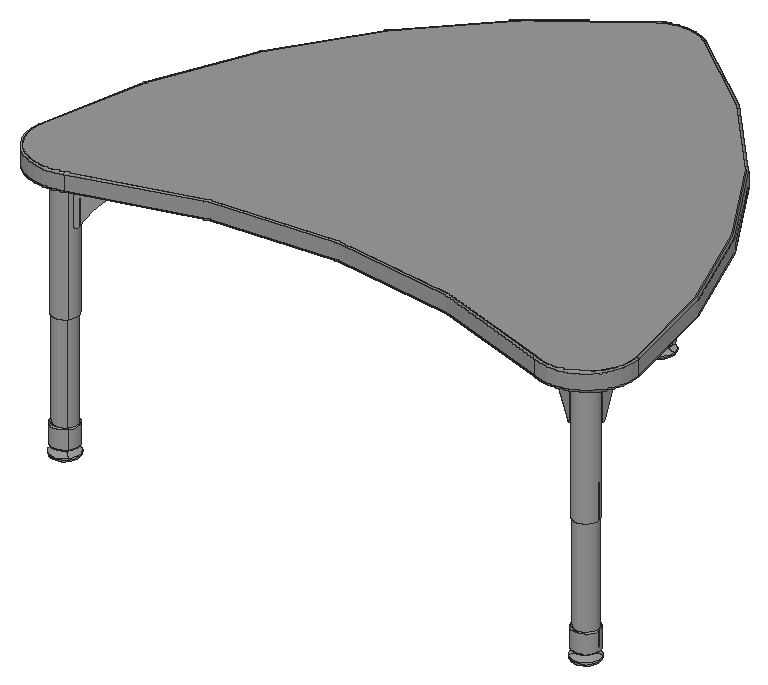
Revit family "Hierarchy Chevron Large Table - Youth Height", category Furniture, Revit 2018
Family settings
  Work Plane-Based = No
  Always vertical = Yes
  Cut with Voids When Loaded = No
  Shared = No
  Room Calculation Point = No
Parameters
  Table Height = 1' - 4"
  Surface = Hierarchy Chevron Large Youth Surface
  Leg Finish = Hierarchy Leg Platinum
  Edgeband = Hierarchy Chevron Large Youth Edgeband
  Caster/Glide = Hierarchy Youth Leg - Glide : Hierarchy Youth Leg - Glide
Reference planes (in)
  plane 1 "Center (Front/Back)": y = 0
  plane 2: z = 0
  plane 3 "Center (Left/Right)": x = 0
  plane 4 "Table Height": z = 16
Dimensions and locks (in)
  "Table Height": plane 4 "Table Height" to level
  aligned and locked: plane 2 to level
  aligned and locked: nested 3 to plane 4 "Table Height"
Nested families (in)
  nested 1: "Hierarchy Youth Leg - Glide" at (0, 10.3033, 0), Leg Height <- "Table Height", Leg Finish <- "Leg Finish", type "Hierarchy Youth Leg - Glide"
    with Leg Height 1' - 4", Leg Finish Hierarchy Leg Platinum
  nested 2: "Hierarchy Youth Leg - Glide" at (-16.21822, -15.68676, 0) x (-0.7939, 0.6081, 0) z (0, 0, 1), Leg Height <- "Table Height", type <- "Caster/Glide", Leg Finish <- "Leg Finish", type "Hierarchy Youth Leg - Glide"
    with Leg Height 1' - 4", Leg Finish Hierarchy Leg Platinum
  nested 3: "Chevron Large Tabletop" at (0, 0.03125, -12.5), type "Chevron Large Tabletop"
  nested 4: "Hierarchy Youth Leg - Glide" at (16.17876, -15.68676, 0) x (0.7939, 0.6081, 0) z (0, 0, 1), Leg Height <- "Table Height", type <- "Caster/Glide", Leg Finish <- "Leg Finish", type "Hierarchy Youth Leg - Glide"
    with Leg Height 1' - 4", Leg Finish Hierarchy Leg Platinum
Definition of nested family "Hierarchy Youth Leg - Glide"
  Parameters (values of type "Hierarchy Youth Leg - Glide")
    Leg Finish [instance] = none
    Leg Height [instance] = 1' - 4.80117"
  Reference planes (in)
    plane 1 "Center (Front/Back)": y = 0
    plane 2: z = 0
    plane 3 "Center (Left/Right)": x = 0
  Forms (in)
    Extrusion 1, solid
      sketch origin (-0.01562, 0, 0) x (1, 0, 0) y (0, 1, 0)
        loop
          circle (0.01563, 0) r 0.67016
      from 0.67618 to 10.55018
    Revolve 2, solid
      sketch origin (0, 0, 0) x (1, 0, 0) y (0, 0, 1)
        loop
          line (-0.73189, 1.80118) -> (-0.79439, 1.73867) -> (-0.79439, 0.61381) -> (-0.73176, 0.55118) -> (-0.125, 0.55118) -> (-0.125, 0.42618) -> (-0.84656, 0.16241) -> (-0.84656, 0.08994) -> (-0.81359, 0) -> (0, 0) -> (0, 1.80118) -> (-0.73189, 1.80118)
        axis (0, 1.80118) -> (0, 0)
      angle from 0 to 360
  Dimensions and locks (in)
    "Leg Height": nested 1 to level  (x2)
    aligned and locked: plane 2 to level
  Automatic sketch dimensions
    plane 1 "Center (Front/Back)" to Extrusion 1 sketch curve = 0' - 0"
    Extrusion 1 sketch curve to plane 3 "Center (Left/Right)" = 0' - 0"
    Revolve 2 sketch curve to level = 0' - 0"
    Revolve 2 sketch curve to plane 3 "Center (Left/Right)" = 0' - 0"  (x2)
    Revolve 2 sketch curve to plane 3 "Center (Left/Right)" = 0' - 0 1/8"
    Revolve 2 sketch curve to Revolve 2 sketch curve = 0' - 0.60676"
    Revolve 2 sketch curve to Revolve 2 sketch curve = 0' - 0.73189"
    Revolve 2 sketch curve to Revolve 2 sketch curve = 0' - 0.06263"  (x2)
    Revolve 2 sketch curve to Revolve 2 sketch curve = 0' - 0.08183"
    Revolve 2 sketch curve to Revolve 2 sketch curve = 0' - 0.03297"
    level to Revolve 2 sketch curve = 0' - 0.08994"
    Revolve 2 sketch curve to Revolve 2 sketch curve = 0' - 0.07247"
    level to Revolve 2 sketch curve = 0' - 0.42618"
    Revolve 2 sketch curve to Revolve 2 sketch curve = 0' - 0 1/8"
    Revolve 2 sketch curve to Revolve 2 sketch curve = 0' - 1.12486"
    Revolve 2 sketch curve to Revolve 2 sketch curve = 0' - 0 1/16"
    Revolve 2 sketch curve to level = 2' - 0"
    Revolve 2 sketch curve to Revolve 2 sketch curve = 8' - 4.91764"
    radius of Extrusion 1 sketch curve = 0' - 0.67016"
  Nested families (in)
    nested 1: "Hierarchy Youth Upper Leg 2023" at (0, 0, 0), Leg Finish <- "Leg Finish", type "Hierarchy Youth Upper Leg 2023"
      with Leg Finish none
  Definition of nested family "Hierarchy Youth Upper Leg 2023"
    Parameters (values of type "Hierarchy Youth Upper Leg 2023")
      Leg Finish [instance] = none
    Reference planes (in)
      plane 1 "Center (Front/Back)": y = 0
      plane 2: z = 0
      plane 3 "Center (Left/Right)": x = 0
    Forms (in)
      Extrusion 1, solid, material <- "Leg Finish"
        sketch origin (0, 0, -11.001) x (1, 0, 0) y (0, 1, 0)
          loop
            circle (0, 0) r 0.75
        from 19.67618 to 27.67618
      Extrusion 2, solid, material <- "Leg Finish"
        sketch origin (0, 0, -11.001) x (1, 0, 0) y (0, 1, 0)
          loop
            line (-1.70174, 0.19183) -> (-2.88626, -2.26116)
            arc (-2.88626, -2.26116) -> (-2.83993, -3.09822) -> (-2.1063, -3.50394) r 0.86614
            line (-2.1063, -3.50394) -> (2.1063, -3.50394)
            arc (2.1063, -3.50394) -> (2.83993, -3.09822) -> (2.88626, -2.26116) r 0.86614
            line (2.88626, -2.26116) -> (1.70174, 0.19183)
            arc (1.70174, 0.19183) -> (0, 1.25984) -> (-1.70174, 0.19183) r 1.88976
        from 27.67618 to 27.80217
      Extrusion 3, solid, material <- "Leg Finish"
        sketch origin (-1.48519, 8.66524, -11.001) x (-0.434844, 0.900506, 0) y (0, 0, 1)
          loop
            line (-9.01425, 27.67618) -> (-11.80952, 27.67618)
            arc (-11.80952, 27.67618) -> (-11.92325, 27.58993) -> (-11.87088, 27.45715) r 0.11811
            arc (-11.87088, 27.45715) -> (-10.39364, 26.29679) -> (-9.23328, 24.81955) r 7.87402
            arc (-9.23328, 24.81955) -> (-9.1005, 24.76717) -> (-9.01425, 24.88091) r 0.11811
            line (-9.01425, 24.88091) -> (-9.01425, 27.67618)
        from -1.94075 to -1.81476
      Extrusion 4, solid, material <- "Leg Finish"
        sketch origin (1.48519, 8.66524, -11.001) x (0.434844, 0.900506, 0) y (0, 0, -1)
          loop
            line (-9.01425, -27.67618) -> (-9.01425, -24.88091)
            arc (-9.01425, -24.88091) -> (-9.1005, -24.76717) -> (-9.23328, -24.81955) r 0.11811
            arc (-9.23328, -24.81955) -> (-10.39364, -26.29679) -> (-11.87088, -27.45715) r 7.87402
            arc (-11.87088, -27.45715) -> (-11.92325, -27.58993) -> (-11.80952, -27.67618) r 0.11811
            line (-11.80952, -27.67618) -> (-9.01425, -27.67618)
        from -1.94075 to -1.81476
    Dimensions and locks (in)
      aligned and locked: plane 2 to level
Definition of nested family "Chevron Large Tabletop"
  Parameters (values of type "Chevron Large Tabletop")
    Surface = none
    Edgeband = none
  Reference planes (in)
    plane 1 "Center (Front/Back)": y = 0
    plane 2: z = 0
    plane 3 "Center (Left/Right)": x = 0
  Forms (in)
    Extrusion 1, solid, material <- "Surface"
      sketch origin (0, 0, 0) x (1, 0, 0) y (0, 1, 0)
        loop
          arc (-1.47575, 11.83196) -> (-12.96428, 0.45381) -> (-18.53858, -14.72433) r 37.19148
          arc (-18.53858, -14.72433) -> (-17.451, -17.34819) -> (-14.63329, -17.70598) r 2.82966
          arc (-14.63329, -17.70598) -> (0.00027, -14.74362) -> (14.63382, -17.70598) r 37.62483
          arc (14.63382, -17.70598) -> (17.45153, -17.34819) -> (18.53911, -14.72433) r 2.82966
          arc (18.53911, -14.72433) -> (12.97595, 0.43646) -> (1.51118, 11.80998) r 37.19148
          arc (1.51118, 11.80998) -> (0.02085, 12.24654) -> (-1.47575, 11.83196) r 2.83339
      from 28.5 to 29.625
    Sweep 2, solid, material <- "Edgeband"
      path in 3D
        loop
          arc (-1.47575, 11.83196, 29.625) -> (0.02085, 12.24654, 29.625) -> (1.51118, 11.80998, 29.625) r 2.83339
          arc (1.51118, 11.80998, 29.625) -> (12.97595, 0.43646, 29.625) -> (18.53911, -14.72433, 29.625) r 37.19148
          arc (18.53911, -14.72433, 29.625) -> (17.45153, -17.34819, 29.625) -> (14.63382, -17.70598, 29.625) r 2.82966
          arc (14.63382, -17.70598, 29.625) -> (0.00027, -14.74362, 29.625) -> (-14.63329, -17.70598, 29.625) r 37.62483
          arc (-14.63329, -17.70598, 29.625) -> (-17.451, -17.34819, 29.625) -> (-18.53858, -14.72433, 29.625) r 2.82966
          arc (-18.53858, -14.72433, 29.625) -> (-12.96428, 0.45381, 29.625) -> (-1.47575, 11.83196, 29.625) r 37.19148
      profile origin (-12.96428, 0.45381, 29.625) x (-0.841309, 0.540554, 0) y (0, 0, 1)
        loop
          line (0.10581, -1.01919) -> (0.10581, -0.10581)
          arc (0.10581, -0.10581) -> (0.07482, -0.03099) -> (0, 0) r 0.10581
          line (0, 0) -> (0, -1.125)
          arc (0, -1.125) -> (0.07482, -1.09401) -> (0.10581, -1.01919) r 0.10581
  Lines and regions (in)
    sketch lines
      curve 1: arc (-18.53858, -14.72433, 29.625) -> (-12.96428, 0.45381, 29.625) -> (-1.47575, 11.83196, 29.625) r 37.19148
      curve 2: arc (-1.47575, 11.83196, 29.625) -> (0.02085, 12.24654, 29.625) -> (1.51118, 11.80998, 29.625) r 2.83339
      curve 3: arc (1.51118, 11.80998, 29.625) -> (12.97595, 0.43646, 29.625) -> (18.53911, -14.72433, 29.625) r 37.19148
      curve 4: arc (18.53911, -14.72433, 29.625) -> (17.45153, -17.34819, 29.625) -> (14.63382, -17.70598, 29.625) r 2.82966
      curve 5: arc (14.63382, -17.70598, 29.625) -> (0.00027, -14.74362, 29.625) -> (-14.63329, -17.70598, 29.625) r 37.62483
      curve 6: arc (-14.63329, -17.70598, 29.625) -> (-17.451, -17.34819, 29.625) -> (-18.53858, -14.72433, 29.625) r 2.82966
  Dimensions and locks (in)
    aligned and locked: plane 2 to level
